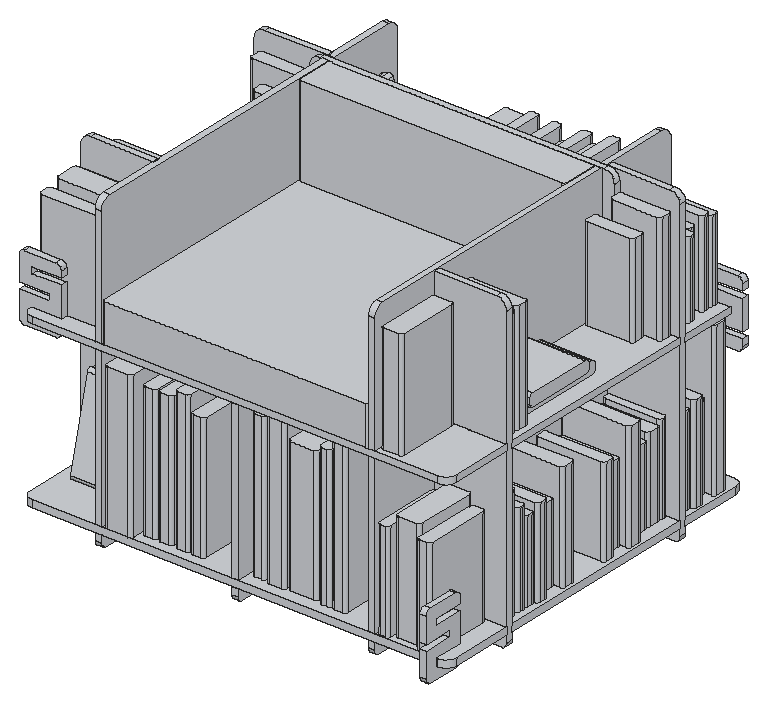
Revit family "The Peckham Book Throne", category Plumbing Fixtures, Revit 2014
Parameters (values of type "36" x 36"")
  fabric = none
  Book5 = none
  Book4 = none
  Book3 = none
  Book2 = none
  Book1 = none
  Assembly Code = "D2010710"
  Depth = 914.4 mm
  Shower Base = Laminate - Linen,Matte
  Width = 1486 mm
Reference planes
  plane 1: z = 37
  plane 2: y = -2867.097
  plane 3: z = 255
  plane 4: z = 473
  plane 5: z = 461
  plane 6: z = 243
  plane 7: z = 25
  plane 8: x = -165.742
  plane 9: y = -2380.097
  plane 10: y = -2368.097
  plane 11: y = -2654.097
  plane 12: y = -2666.097
  plane 13: x = -24.742
  plane 14: x = -12.742
  plane 15: x = 228.258
  plane 16: x = 240.258
  plane 17: y = -2394.097
  plane 18: y = -2382.097
Forms (mm)
  Extrusion 1, solid
    sketch origin (0, 0, 0) x (1, 0, 0) y (0, 1, 0)
      loop
        line (-165.742, -2867.097) -> (614.258, -2867.097)
        arc (614.258, -2867.097) -> (628.4, -2861.239) -> (634.258, -2847.097) r 20
        line (634.258, -2847.097) -> (634.258, -2726.197) -> (561.808, -2726.197) -> (561.808, -2713.997) -> (634.258, -2713.997) -> (634.258, -2308.947) -> (561.808, -2308.947) -> (561.808, -2296.747) -> (634.258, -2296.747) -> (634.258, -2175.847)
        arc (634.258, -2175.847) -> (628.4, -2161.704) -> (614.258, -2155.847) r 20
        line (614.258, -2155.847) -> (493.358, -2155.847) -> (493.358, -2513.477) -> (481.158, -2513.477) -> (481.158, -2155.847) -> (230.358, -2155.847) -> (230.358, -2509.502) -> (218.158, -2509.502) -> (218.158, -2155.847) -> (-32.642, -2155.847) -> (-32.642, -2513.477) -> (-44.842, -2513.477) -> (-44.842, -2155.847) -> (-165.742, -2155.847)
        arc (-165.742, -2155.847) -> (-179.884, -2161.704) -> (-185.742, -2175.847) r 20
        line (-185.742, -2175.847) -> (-185.742, -2296.747) -> (-113.292, -2296.747) -> (-113.292, -2308.947) -> (-185.742, -2308.947) -> (-185.742, -2713.696) -> (-113.292, -2713.696) -> (-113.292, -2726.465) -> (-185.742, -2726.465) -> (-185.742, -2847.097)
        arc (-185.742, -2847.097) -> (-179.884, -2861.239) -> (-165.742, -2867.097) r 20
    from 25 to 38
  Extrusion 2, solid
    sketch origin (677.201, -2726.097, 1219.2) x (1, 0, 0) y (0, 0, -1)
      loop
        line (-183.843, 1219.2) -> (-183.843, 1195.2) -> (-111.393, 1195.2) -> (-111.393, 1179.991) -> (-183.843, 1179.991) -> (-183.843, 878.455) -> (-111.393, 878.455) -> (-111.393, 865.69) -> (-183.843, 865.69) -> (-183.843, 616.7) -> (-62.943, 616.7)
        arc (-62.943, 616.7) -> (-48.801, 622.558) -> (-42.943, 636.7) r 20
        line (-42.943, 636.7) -> (-42.943, 1209.2)
        arc (-42.943, 1209.2) -> (-45.872, 1216.271) -> (-52.943, 1219.2) r 10
        line (-52.943, 1219.2) -> (-183.843, 1219.2)
    from 0 to 12
  Extrusion 3, solid
    sketch origin (228.258, -2128.227, 1219.2) x (0, 1, 0) y (0, 0, 1)
      loop
        line (-728.869, -1219.2) -> (-37.619, -1219.2)
        arc (-37.619, -1219.2) -> (-30.548, -1216.271) -> (-27.619, -1209.2) r 10
        line (-27.619, -1209.2) -> (-27.619, -878) -> (-77.973, -878) -> (-77.973, -866) -> (-119.209, -866) -> (-119.209, -878) -> (-738.869, -878) -> (-738.869, -1179.991) -> (-381.275, -1179.991) -> (-381.275, -1195.2) -> (-738.869, -1195.2) -> (-738.869, -1209.2)
        arc (-738.869, -1209.2) -> (-735.941, -1216.271) -> (-728.869, -1219.2) r 10
    from -10.08 to 2.092
  Extrusion 4, solid
    sketch origin (-36.688, -2394.097, 1219.2) x (-1, 0, 0) y (0, 0, 1)
      loop
        line (12.142, -616.7) -> (-534.047, -616.7)
        arc (-534.047, -616.7) -> (-548.189, -622.558) -> (-554.047, -636.7) r 20
        line (-554.047, -636.7) -> (-554.047, -865.9) -> (-530.047, -865.9) -> (-530.047, -739.25) -> (-517.895, -739.25) -> (-517.895, -865.8) -> (-4.058, -865.8) -> (-4.058, -739.25) -> (8.142, -739.25) -> (8.142, -865.9) -> (32.142, -865.9) -> (32.142, -636.7)
        arc (32.142, -636.7) -> (26.284, -622.558) -> (12.142, -616.7) r 20
    from 72.966 to 85.147
  Extrusion 5, solid
    sketch origin (0, 0, 316.3) x (1, 0, 0) y (0, 1, 0)
      loop
        line (-165.742, -2867.097) -> (614.258, -2867.097)
        arc (614.258, -2867.097) -> (628.4, -2861.239) -> (634.258, -2847.097) r 20
        line (634.258, -2847.097) -> (634.258, -2726.197) -> (561.808, -2726.197) -> (561.808, -2713.997) -> (634.258, -2713.997) -> (634.258, -2308.947) -> (561.808, -2308.947) -> (561.808, -2296.747) -> (634.258, -2296.747) -> (634.258, -2175.847)
        arc (634.258, -2175.847) -> (628.4, -2161.704) -> (614.258, -2155.847) r 20
        line (614.258, -2155.847) -> (493.358, -2155.847) -> (493.358, -2513.477) -> (481.158, -2513.477) -> (481.158, -2155.847) -> (-32.642, -2155.847) -> (-32.642, -2513.477) -> (-44.842, -2513.477) -> (-44.842, -2155.847) -> (-165.742, -2155.847)
        arc (-165.742, -2155.847) -> (-179.884, -2161.704) -> (-185.742, -2175.847) r 20
        line (-185.742, -2175.847) -> (-185.742, -2296.747) -> (-113.292, -2296.747) -> (-113.292, -2308.947) -> (-185.742, -2308.947) -> (-185.742, -2713.997) -> (-113.292, -2713.997) -> (-113.292, -2726.197) -> (-185.742, -2726.197) -> (-185.742, -2847.097)
        arc (-185.742, -2847.097) -> (-179.884, -2861.239) -> (-165.742, -2867.097) r 20
      loop
        line (230.358, -2205.847) -> (218.158, -2205.847) -> (218.158, -2247.847) -> (230.358, -2247.847) -> (230.358, -2205.847)
    from 25 to 37
  Extrusion 6, solid
    sketch origin (677.201, -2296.847, 1219.2) x (1, 0, 0) y (0, 0, 1)
      loop
        line (-183.843, -1219.2) -> (-52.943, -1219.2)
        arc (-52.943, -1219.2) -> (-45.872, -1216.271) -> (-42.943, -1209.2) r 10
        line (-42.943, -1209.2) -> (-42.943, -636.7)
        arc (-42.943, -636.7) -> (-48.801, -622.558) -> (-62.943, -616.7) r 20
        line (-62.943, -616.7) -> (-183.843, -616.7) -> (-183.843, -865.69) -> (-111.393, -865.69) -> (-111.393, -878.455) -> (-183.843, -878.455) -> (-183.843, -1179.991) -> (-111.393, -1179.991) -> (-111.393, -1195.2) -> (-183.843, -1195.2) -> (-183.843, -1219.2)
    from 0 to 12
  Extrusion 7, solid
    sketch origin (-228.685, -2726.097, 1219.2) x (-1, 0, 0) y (0, 0, 1)
      loop
        line (-183.843, -1219.2) -> (-52.943, -1219.2)
        arc (-52.943, -1219.2) -> (-45.872, -1216.271) -> (-42.943, -1209.2) r 10
        line (-42.943, -1209.2) -> (-42.943, -636.7)
        arc (-42.943, -636.7) -> (-48.801, -622.558) -> (-62.943, -616.7) r 20
        line (-62.943, -616.7) -> (-183.843, -616.7) -> (-183.843, -865.341) -> (-111.393, -865.341) -> (-111.393, -878.322) -> (-183.843, -878.322) -> (-183.843, -1180.048) -> (-111.393, -1180.048) -> (-111.393, -1195.2) -> (-183.843, -1195.2) -> (-183.843, -1219.2)
    from 0 to 12
  Extrusion 8, solid
    sketch origin (-228.685, -2296.847, 1219.2) x (-1, 0, 0) y (0, 0, -1)
      loop
        line (-183.843, 1219.2) -> (-183.843, 1195.2) -> (-111.393, 1195.2) -> (-111.393, 1179.098) -> (-183.843, 1179.098) -> (-183.843, 878.322) -> (-111.393, 878.322) -> (-111.393, 865.341) -> (-183.843, 865.341) -> (-183.843, 616.7) -> (-62.943, 616.7)
        arc (-62.943, 616.7) -> (-48.801, 622.558) -> (-42.943, 636.7) r 20
        line (-42.943, 636.7) -> (-42.943, 1209.2)
        arc (-42.943, 1209.2) -> (-45.872, 1216.271) -> (-52.943, 1219.2) r 10
        line (-52.943, 1219.2) -> (-183.843, 1219.2)
    from 0 to 12
  Extrusion 9, solid
    sketch origin (-44.742, -2264.51, 1219.2) x (0, 1, 0) y (0, 0, 1)
      loop
        arc (108.664, -636.7) -> (102.806, -622.558) -> (88.664, -616.7) r 20
        line (88.664, -616.7) -> (-44.436, -616.7) -> (-44.436, -743.25) -> (-56.636, -743.25) -> (-56.636, -616.7) -> (-582.586, -616.7)
        arc (-582.586, -616.7) -> (-596.728, -622.558) -> (-602.586, -636.7) r 20
        line (-602.586, -636.7) -> (-602.586, -865.341) -> (-244.956, -865.341) -> (-244.956, -878.322) -> (-602.586, -878.322) -> (-602.586, -1180.048) -> (-244.956, -1180.048) -> (-244.956, -1195.2) -> (-602.586, -1195.2) -> (-602.586, -1209.2)
        arc (-602.586, -1209.2) -> (-599.657, -1216.271) -> (-592.586, -1219.2) r 10
        line (-592.586, -1219.2) -> (98.664, -1219.2)
        arc (98.664, -1219.2) -> (105.735, -1216.271) -> (108.664, -1209.2) r 10
        line (108.664, -1209.2) -> (108.664, -636.7)
    from 0 to 12
  Extrusion 10, solid
    sketch origin (493.27, -2264.51, 1219.2) x (0, 1, 0) y (0, 0, -1)
      loop
        line (108.664, 636.7) -> (108.664, 1209.2)
        arc (108.664, 1209.2) -> (105.735, 1216.271) -> (98.664, 1219.2) r 10
        line (98.664, 1219.2) -> (-592.586, 1219.2)
        arc (-592.586, 1219.2) -> (-599.657, 1216.271) -> (-602.586, 1209.2) r 10
        line (-602.586, 1209.2) -> (-602.586, 1195.2) -> (-244.956, 1195.2) -> (-244.956, 1179.991) -> (-602.586, 1179.991) -> (-602.586, 878.455) -> (-244.956, 878.455) -> (-244.956, 865.69) -> (-602.586, 865.69) -> (-602.586, 636.7)
        arc (-602.586, 636.7) -> (-596.728, 622.558) -> (-582.586, 616.7) r 20
        line (-582.586, 616.7) -> (-56.636, 616.7) -> (-56.636, 743.25) -> (-44.436, 743.25) -> (-44.436, 616.7) -> (88.664, 616.7)
        arc (88.664, 616.7) -> (102.806, 622.558) -> (108.664, 636.7) r 20
    from 0 to 12
  Extrusion 11, solid
    sketch origin (599.545, -3323.081, 786.169) x (0, -1, 0) y (0, 0, -1)
      loop
        line (-442.069, 784.269) -> (-502.069, 784.269)
        arc (-502.069, 784.269) -> (-509.14, 781.34) -> (-512.069, 774.269) r 10
        line (-512.069, 774.269) -> (-512.069, 762.169) -> (-454.731, 762.169) -> (-454.731, 746.961) -> (-512.069, 746.961) -> (-512.069, 690.869) -> (-454.661, 690.869) -> (-454.661, 678.669) -> (-512.069, 678.669) -> (-512.069, 665.669)
        arc (-512.069, 665.669) -> (-509.14, 658.598) -> (-502.069, 655.669) r 10
        line (-502.069, 655.669) -> (-442.069, 655.669)
        arc (-442.069, 655.669) -> (-434.998, 658.598) -> (-432.069, 665.669) r 10
        line (-432.069, 665.669) -> (-432.069, 713.869) -> (-489.069, 713.869) -> (-489.069, 726.069) -> (-432.069, 726.069) -> (-432.069, 774.269)
        arc (-432.069, 774.269) -> (-434.998, 781.34) -> (-442.069, 784.269) r 10
    from 0 to 12
  Extrusion 12, solid
    sketch origin (145.397, -2187.231, 1067.269) x (-1, 0, 0) y (0, 0, 1)
      loop
        arc (-442.069, -784.269) -> (-434.998, -781.34) -> (-432.069, -774.269) r 10
        line (-432.069, -774.269) -> (-432.069, -726.069) -> (-489.069, -726.069) -> (-489.069, -713.869) -> (-432.069, -713.869) -> (-432.069, -665.669)
        arc (-432.069, -665.669) -> (-434.998, -658.598) -> (-442.069, -655.669) r 10
        line (-442.069, -655.669) -> (-502.069, -655.669)
        arc (-502.069, -655.669) -> (-509.14, -658.598) -> (-512.069, -665.669) r 10
        line (-512.069, -665.669) -> (-512.069, -678.669) -> (-455.069, -678.669) -> (-455.069, -690.869) -> (-512.069, -690.869) -> (-512.069, -749.069) -> (-455.069, -749.069) -> (-455.069, -761.269) -> (-512.069, -761.269) -> (-512.069, -774.269)
        arc (-512.069, -774.269) -> (-509.14, -781.34) -> (-502.069, -784.269) r 10
        line (-502.069, -784.269) -> (-442.069, -784.269)
    from 0 to 12
  Extrusion 13, solid
    sketch origin (-640.769, -2844.097, 1102.569) x (-1, 0, 0) y (0, 0, 1)
      loop
        arc (-442.069, -784.269) -> (-434.998, -781.34) -> (-432.069, -774.269) r 10
        line (-432.069, -774.269) -> (-432.069, -726.069) -> (-489.069, -726.069) -> (-489.069, -713.869) -> (-432.069, -713.869) -> (-432.069, -665.669)
        arc (-432.069, -665.669) -> (-434.998, -658.598) -> (-442.069, -655.669) r 10
        line (-442.069, -655.669) -> (-502.069, -655.669)
        arc (-502.069, -655.669) -> (-509.14, -658.598) -> (-512.069, -665.669) r 10
        line (-512.069, -665.669) -> (-512.069, -678.669) -> (-455.069, -678.669) -> (-455.069, -690.869) -> (-512.069, -690.869) -> (-512.069, -748.71) -> (-454.315, -748.71) -> (-454.315, -761.691) -> (-512.069, -761.691) -> (-512.069, -774.269)
        arc (-512.069, -774.269) -> (-509.14, -781.34) -> (-502.069, -784.269) r 10
        line (-502.069, -784.269) -> (-442.069, -784.269)
    from 0 to 12
  Extrusion 14, solid, material <- "fabric"
    sketch origin (0, 0, 329.298) x (1, 0, 0) y (0, 1, 0)
      loop
        arc (-27.05, -2396.131) -> (-30.586, -2397.595) -> (-32.05, -2401.131) r 5
        line (-32.05, -2401.131) -> (-32.05, -2862.071)
        arc (-32.05, -2862.071) -> (-30.586, -2865.606) -> (-27.05, -2867.071) r 5
        line (-27.05, -2867.071) -> (475.603, -2867.071)
        arc (475.603, -2867.071) -> (479.139, -2865.606) -> (480.603, -2862.071) r 5
        line (480.603, -2862.071) -> (480.603, -2401.131)
        arc (480.603, -2401.131) -> (479.139, -2397.595) -> (475.603, -2396.131) r 5
        line (475.603, -2396.131) -> (-27.05, -2396.131)
    from 24.561 to 100
  Extrusion 15, solid
    sketch origin (0, 0, 0) x (1, 0, 0) y (0, 1, 0)
      loop
        line (-27.099, -2395.432) -> (475.627, -2395.432)
        arc (475.627, -2395.432) -> (479.163, -2393.968) -> (480.627, -2390.432) r 5
        line (480.627, -2390.432) -> (480.627, -2326.383)
        arc (480.627, -2326.383) -> (479.163, -2322.847) -> (475.627, -2321.383) r 5
        line (475.627, -2321.383) -> (-27.099, -2321.383)
        arc (-27.099, -2321.383) -> (-30.635, -2322.847) -> (-32.099, -2326.383) r 5
        line (-32.099, -2326.383) -> (-32.099, -2390.432)
        arc (-32.099, -2390.432) -> (-30.635, -2393.968) -> (-27.099, -2395.432) r 5
    from 376.4 to 602.5
  Extrusion 16, solid, material <- "Book1"
    sketch origin (1186.903, -2788.329, 261.924) x (0, 1, 0) y (-1, 0, 0)
      loop
        line (93.925, 689.511) -> (86.52, 689.511)
        arc (86.52, 689.511) -> (82.029, 687.651) -> (80.17, 683.161) r 6.35
        line (80.17, 683.161) -> (80.17, 571.983)
        arc (80.17, 571.983) -> (82.029, 567.493) -> (86.52, 565.633) r 6.35
        line (86.52, 565.633) -> (93.925, 565.633)
        arc (93.925, 565.633) -> (98.415, 567.493) -> (100.275, 571.983) r 6.35
        line (100.275, 571.983) -> (100.275, 683.161)
        arc (100.275, 683.161) -> (98.415, 687.651) -> (93.925, 689.511) r 6.35
    from -222.715 to -6.966
  Extrusion 17, solid, material <- "Book2"
    sketch origin (1215.164, -2730.384, 244.735) x (0, 1, 0) y (-1, 0, 0)
      loop
        line (59.26, 721.894) -> (53.975, 721.894)
        arc (53.975, 721.894) -> (49.485, 720.034) -> (47.625, 715.544) r 6.35
        line (47.625, 715.544) -> (47.625, 600.244)
        arc (47.625, 600.244) -> (49.485, 595.754) -> (53.975, 593.894) r 6.35
        line (53.975, 593.894) -> (59.26, 593.894)
        arc (59.26, 593.894) -> (63.751, 595.754) -> (65.61, 600.244) r 6.35
        line (65.61, 600.244) -> (65.61, 715.544)
        arc (65.61, 715.544) -> (63.751, 720.034) -> (59.26, 721.894) r 6.35
    from -205.526 to -26.234
  Extrusion 18, solid, material <- "Book1"
    sketch origin (-25.412, -3399.156, 271.744) x (1, 0, 0) y (0, 1, 0)
      loop
        line (74.935, 786.77) -> (61.12, 786.77)
        arc (61.12, 786.77) -> (56.629, 784.91) -> (54.77, 780.42) r 6.35
        line (54.77, 780.42) -> (54.77, 558.595)
        arc (54.77, 558.595) -> (56.629, 554.105) -> (61.12, 552.245) r 6.35
        line (61.12, 552.245) -> (74.935, 552.245)
        arc (74.935, 552.245) -> (79.425, 554.105) -> (81.285, 558.595) r 6.35
        line (81.285, 558.595) -> (81.285, 780.42)
        arc (81.285, 780.42) -> (79.425, 784.91) -> (74.935, 786.77) r 6.35
    from -233.744 to 23.473
  Extrusion 19, solid, material <- "Book2"
    sketch origin (-50.517, -3450.691, 273.835) x (1, 0, 0) y (0, 1, 0)
      loop
        line (68.525, 720.88) -> (28.575, 720.88)
        arc (28.575, 720.88) -> (24.085, 719.021) -> (22.225, 714.53) r 6.35
        line (22.225, 714.53) -> (22.225, 590.333)
        arc (22.225, 590.333) -> (24.085, 585.842) -> (28.575, 583.983) r 6.35
        line (28.575, 583.983) -> (68.525, 583.983)
        arc (68.525, 583.983) -> (73.015, 585.842) -> (74.875, 590.333) r 6.35
        line (74.875, 590.333) -> (74.875, 714.53)
        arc (74.875, 714.53) -> (73.015, 719.021) -> (68.525, 720.88) r 6.35
    from -235.835 to 44.465
  Extrusion 20, solid, material <- "Book2"
    sketch origin (1215.164, -2620.92, 247.459) x (0, 1, 0) y (-1, 0, 0)
      loop
        line (-5.204, 721.894) -> (-15.49, 721.894)
        arc (-15.49, 721.894) -> (-19.98, 720.034) -> (-21.84, 715.544) r 6.35
        line (-21.84, 715.544) -> (-21.84, 593.699)
        arc (-21.84, 593.699) -> (-19.98, 589.209) -> (-15.49, 587.349) r 6.35
        line (-15.49, 587.349) -> (-5.204, 587.349)
        arc (-5.204, 587.349) -> (-0.714, 589.209) -> (1.146, 593.699) r 6.35
        line (1.146, 593.699) -> (1.146, 715.544)
        arc (1.146, 715.544) -> (-0.714, 720.034) -> (-5.204, 721.894) r 6.35
    from -207.18 to -36.211
  Extrusion 21, solid, material <- "Book2"
    sketch origin (1215.164, -2507.034, 249.487) x (0, 1, 0) y (-1, 0, 0)
      loop
        line (-54.09, 721.894) -> (-69.376, 721.894)
        arc (-69.376, 721.894) -> (-73.866, 720.034) -> (-75.726, 715.544) r 6.35
        line (-75.726, 715.544) -> (-75.726, 593.699)
        arc (-75.726, 593.699) -> (-73.866, 589.209) -> (-69.376, 587.349) r 6.35
        line (-69.376, 587.349) -> (-54.09, 587.349)
        arc (-54.09, 587.349) -> (-49.6, 589.209) -> (-47.74, 593.699) r 6.35
        line (-47.74, 593.699) -> (-47.74, 715.544)
        arc (-47.74, 715.544) -> (-49.6, 720.034) -> (-54.09, 721.894) r 6.35
    from -210.278 to -1.884
  Extrusion 22, solid, material <- "Book4"
    sketch origin (218.158, -3428.055, 300.643) x (1, 0, 0) y (0, 1, 0)
      loop
        line (77.999, 700.944) -> (54.197, 700.944)
        arc (54.197, 700.944) -> (49.707, 699.084) -> (47.847, 694.594) r 6.35
        line (47.847, 694.594) -> (47.847, 589.293)
        arc (47.847, 589.293) -> (49.707, 584.803) -> (54.197, 582.943) r 6.35
        line (54.197, 582.943) -> (77.999, 582.943)
        arc (77.999, 582.943) -> (82.489, 584.803) -> (84.349, 589.293) r 6.35
        line (84.349, 589.293) -> (84.349, 694.594)
        arc (84.349, 694.594) -> (82.489, 699.084) -> (77.999, 700.944) r 6.35
    from -262.643 to 29.981
  Extrusion 23, solid, material <- "Book4"
    sketch origin (138.759, -3402.831, 275.418) x (1, 0, 0) y (0, 1, 0)
      loop
        line (115.896, 657.723) -> (103.196, 657.723)
        arc (103.196, 657.723) -> (98.706, 655.863) -> (96.846, 651.373) r 6.35
        line (96.846, 651.373) -> (96.846, 567.668)
        arc (96.846, 567.668) -> (98.706, 563.178) -> (103.196, 561.318) r 6.35
        line (103.196, 561.318) -> (115.896, 561.318)
        arc (115.896, 561.318) -> (120.386, 563.178) -> (122.246, 567.668) r 6.35
        line (122.246, 567.668) -> (122.246, 651.373)
        arc (122.246, 651.373) -> (120.386, 655.863) -> (115.896, 657.723) r 6.35
    from -237.418 to 42.882
  Extrusion 24, solid, material <- "Book4"
    sketch origin (1161.37, -2626.959, 274.574) x (0, 1, 0) y (-1, 0, 0)
      loop
        line (37.85, 662.355) -> (13.535, 662.355)
        arc (13.535, 662.355) -> (9.045, 660.495) -> (7.185, 656.005) r 6.35
        line (7.185, 656.005) -> (7.185, 557.003)
        arc (7.185, 557.003) -> (9.045, 552.513) -> (13.535, 550.653) r 6.35
        line (13.535, 550.653) -> (37.85, 550.653)
        arc (37.85, 550.653) -> (42.34, 552.513) -> (44.2, 557.003) r 6.35
        line (44.2, 557.003) -> (44.2, 656.005)
        arc (44.2, 656.005) -> (42.34, 660.495) -> (37.85, 662.355) r 6.35
    from -235.365 to -85.364
  Extrusion 25, solid, material <- "Book5"
    sketch origin (1228.405, -2662.187, 263.937) x (0, 1, 0) y (-1, 0, 0)
      loop
        line (13.078, 722.191) -> (3.763, 722.191)
        arc (3.763, 722.191) -> (-0.727, 720.331) -> (-2.587, 715.841) r 6.35
        line (-2.587, 715.841) -> (-2.587, 613.486)
        arc (-2.587, 613.486) -> (-0.727, 608.996) -> (3.763, 607.136) r 6.35
        line (3.763, 607.136) -> (13.078, 607.136)
        arc (13.078, 607.136) -> (17.568, 608.996) -> (19.428, 613.486) r 6.35
        line (19.428, 613.486) -> (19.428, 715.841)
        arc (19.428, 715.841) -> (17.568, 720.331) -> (13.078, 722.191) r 6.35
    from -224.728 to -67.685
  Extrusion 26, solid, material <- "Book4"
    sketch origin (485.468, -3462.999, 265.094) x (1, 0, 0) y (0, 1, 0)
      loop
        line (77.256, 734.557) -> (43.125, 734.557)
        arc (43.125, 734.557) -> (38.635, 732.697) -> (36.775, 728.207) r 6.35
        line (36.775, 728.207) -> (36.775, 615.253)
        arc (36.775, 615.253) -> (38.635, 610.763) -> (43.125, 608.903) r 6.35
        line (43.125, 608.903) -> (77.256, 608.903)
        arc (77.256, 608.903) -> (81.747, 610.763) -> (83.606, 615.253) r 6.35
        line (83.606, 615.253) -> (83.606, 728.207)
        arc (83.606, 728.207) -> (81.747, 732.697) -> (77.256, 734.557) r 6.35
    from -227.094 to -17.491
  Extrusion 27, solid, material <- "Book5"
    sketch origin (475.52, -3462.999, 265.094) x (1, 0, 0) y (0, 1, 0)
      loop
        line (35.333, 731.857) -> (26.456, 731.857)
        arc (26.456, 731.857) -> (21.966, 729.998) -> (20.106, 725.507) r 6.35
        line (20.106, 725.507) -> (20.106, 605.253)
        arc (20.106, 605.253) -> (21.966, 600.763) -> (26.456, 598.903) r 6.35
        line (26.456, 598.903) -> (35.333, 598.903)
        arc (35.333, 598.903) -> (39.823, 600.763) -> (41.683, 605.253) r 6.35
        line (41.683, 605.253) -> (41.683, 725.507)
        arc (41.683, 725.507) -> (39.823, 729.998) -> (35.333, 731.857) r 6.35
    from -227.094 to -36.104
  Extrusion 28, solid, material <- "Book5"
    sketch origin (550.52, -3462.999, 265.094) x (1, 0, 0) y (0, 1, 0)
      loop
        line (40.919, 731.857) -> (26.456, 731.857)
        arc (26.456, 731.857) -> (21.966, 729.998) -> (20.106, 725.507) r 6.35
        line (20.106, 725.507) -> (20.106, 605.253)
        arc (20.106, 605.253) -> (21.966, 600.763) -> (26.456, 598.903) r 6.35
        line (26.456, 598.903) -> (40.919, 598.903)
        arc (40.919, 598.903) -> (45.409, 600.763) -> (47.269, 605.253) r 6.35
        line (47.269, 605.253) -> (47.269, 725.507)
        arc (47.269, 725.507) -> (45.409, 729.998) -> (40.919, 731.857) r 6.35
    from -227.094 to -36.104
  Extrusion 29, solid, material <- "Book1"
    sketch origin (4.588, -3399.156, 271.744) x (1, 0, 0) y (0, 1, 0)
      loop
        line (74.935, 663.047) -> (61.12, 663.047)
        arc (61.12, 663.047) -> (56.629, 661.187) -> (54.77, 656.697) r 6.35
        line (54.77, 656.697) -> (54.77, 558.595)
        arc (54.77, 558.595) -> (56.629, 554.105) -> (61.12, 552.245) r 6.35
        line (61.12, 552.245) -> (74.935, 552.245)
        arc (74.935, 552.245) -> (79.425, 554.105) -> (81.285, 558.595) r 6.35
        line (81.285, 558.595) -> (81.285, 656.697)
        arc (81.285, 656.697) -> (79.425, 661.187) -> (74.935, 663.047) r 6.35
    from -233.744 to 23.473
  Extrusion 30, solid, material <- "Book1"
    sketch origin (37.247, -3399.156, 271.744) x (1, 0, 0) y (0, 1, 0)
      loop
        line (74.935, 794.501) -> (61.12, 794.501)
        arc (61.12, 794.501) -> (56.629, 792.641) -> (54.77, 788.151) r 6.35
        line (54.77, 788.151) -> (54.77, 558.595)
        arc (54.77, 558.595) -> (56.629, 554.105) -> (61.12, 552.245) r 6.35
        line (61.12, 552.245) -> (74.935, 552.245)
        arc (74.935, 552.245) -> (79.425, 554.105) -> (81.285, 558.595) r 6.35
        line (81.285, 558.595) -> (81.285, 788.151)
        arc (81.285, 788.151) -> (79.425, 792.641) -> (74.935, 794.501) r 6.35
    from -233.744 to 36.284
  Extrusion 31, solid, material <- "Book1"
    sketch origin (67.247, -3399.156, 271.744) x (1, 0, 0) y (0, 1, 0)
      loop
        line (74.935, 756.397) -> (61.12, 756.397)
        arc (61.12, 756.397) -> (56.629, 754.537) -> (54.77, 750.047) r 6.35
        line (54.77, 750.047) -> (54.77, 558.595)
        arc (54.77, 558.595) -> (56.629, 554.105) -> (61.12, 552.245) r 6.35
        line (61.12, 552.245) -> (74.935, 552.245)
        arc (74.935, 552.245) -> (79.425, 554.105) -> (81.285, 558.595) r 6.35
        line (81.285, 558.595) -> (81.285, 750.047)
        arc (81.285, 750.047) -> (79.425, 754.537) -> (74.935, 756.397) r 6.35
    from -233.744 to 7.3
  Extrusion 32, solid, material <- "Book4"
    sketch origin (218.759, -3402.831, 275.418) x (1, 0, 0) y (0, 1, 0)
      loop
        line (136.786, 798.175) -> (92.317, 798.175)
        arc (92.317, 798.175) -> (87.827, 796.315) -> (85.967, 791.825) r 6.35
        line (85.967, 791.825) -> (85.967, 567.668)
        arc (85.967, 567.668) -> (87.827, 563.178) -> (92.317, 561.318) r 6.35
        line (92.317, 561.318) -> (136.786, 561.318)
        arc (136.786, 561.318) -> (141.276, 563.178) -> (143.136, 567.668) r 6.35
        line (143.136, 567.668) -> (143.136, 791.825)
        arc (143.136, 791.825) -> (141.276, 796.315) -> (136.786, 798.175) r 6.35
    from -237.418 to 19.798
  Extrusion 33, solid, material <- "Book4"
    sketch origin (313.158, -3428.055, 300.643) x (1, 0, 0) y (0, 1, 0)
      loop
        line (69.922, 700.944) -> (60.546, 700.944)
        arc (60.546, 700.944) -> (56.056, 699.084) -> (54.196, 694.594) r 6.35
        line (54.196, 694.594) -> (54.196, 589.293)
        arc (54.196, 589.293) -> (56.056, 584.803) -> (60.546, 582.943) r 6.35
        line (60.546, 582.943) -> (69.922, 582.943)
        arc (69.922, 582.943) -> (74.412, 584.803) -> (76.272, 589.293) r 6.35
        line (76.272, 589.293) -> (76.272, 694.594)
        arc (76.272, 694.594) -> (74.412, 699.084) -> (69.922, 700.944) r 6.35
    from -262.643 to 7.386
  Extrusion 34, solid, material <- "Book4"
    sketch origin (343.158, -3428.055, 300.643) x (1, 0, 0) y (0, 1, 0)
      loop
        line (69.922, 700.944) -> (55.381, 700.944)
        arc (55.381, 700.944) -> (50.891, 699.084) -> (49.031, 694.594) r 6.35
        line (49.031, 694.594) -> (49.031, 589.293)
        arc (49.031, 589.293) -> (50.891, 584.803) -> (55.381, 582.943) r 6.35
        line (55.381, 582.943) -> (69.922, 582.943)
        arc (69.922, 582.943) -> (74.412, 584.803) -> (76.272, 589.293) r 6.35
        line (76.272, 589.293) -> (76.272, 694.594)
        arc (76.272, 694.594) -> (74.412, 699.084) -> (69.922, 700.944) r 6.35
    from -262.643 to 29.981
  Extrusion 35, solid, material <- "Book3"
    sketch origin (703.161, -2464.408, -286.05) x (0, 0.965926, 0.258819) y (0, -0.258819, 0.965926)
      loop
        line (-12.787, 683.892) -> (-15.534, 673.639)
        arc (-15.534, 673.639) -> (-14.9, 668.821) -> (-11.044, 665.862) r 6.35
        line (-11.044, 665.862) -> (150.705, 622.521)
        arc (150.705, 622.521) -> (155.524, 623.156) -> (158.482, 627.012) r 6.35
        line (158.482, 627.012) -> (161.229, 637.264)
        arc (161.229, 637.264) -> (160.595, 642.083) -> (156.739, 645.041) r 6.35
        line (156.739, 645.041) -> (-5.01, 688.382)
        arc (-5.01, 688.382) -> (-9.829, 687.747) -> (-12.787, 683.892) r 6.35
    from -203.2 to -101.6
  Extrusion 36, solid, material <- "Book1"
    sketch origin (1172.506, -2768.378, 587.044) x (0, 1, 0) y (-1, 0, 0)
      loop
        line (74.935, 663.047) -> (61.12, 663.047)
        arc (61.12, 663.047) -> (56.629, 661.187) -> (54.77, 656.697) r 6.35
        line (54.77, 656.697) -> (54.77, 558.595)
        arc (54.77, 558.595) -> (56.629, 554.105) -> (61.12, 552.245) r 6.35
        line (61.12, 552.245) -> (74.935, 552.245)
        arc (74.935, 552.245) -> (79.425, 554.105) -> (81.285, 558.595) r 6.35
        line (81.285, 558.595) -> (81.285, 656.697)
        arc (81.285, 656.697) -> (79.425, 661.187) -> (74.935, 663.047) r 6.35
    from -233.744 to -24.759
  Extrusion 37, solid, material <- "Book1"
    sketch origin (1172.506, -2738.378, 587.044) x (0, 1, 0) y (-1, 0, 0)
      loop
        line (74.935, 663.047) -> (61.12, 663.047)
        arc (61.12, 663.047) -> (56.629, 661.187) -> (54.77, 656.697) r 6.35
        line (54.77, 656.697) -> (54.77, 558.595)
        arc (54.77, 558.595) -> (56.629, 554.105) -> (61.12, 552.245) r 6.35
        line (61.12, 552.245) -> (74.935, 552.245)
        arc (74.935, 552.245) -> (79.425, 554.105) -> (81.285, 558.595) r 6.35
        line (81.285, 558.595) -> (81.285, 656.697)
        arc (81.285, 656.697) -> (79.425, 661.187) -> (74.935, 663.047) r 6.35
    from -233.744 to -20.069
  Extrusion 38, solid, material <- "Book4"
    sketch origin (-781.809, -2718.803, 580.953) x (0, -1, 0) y (1, 0, 0)
      loop
        line (77.256, 734.557) -> (43.125, 734.557)
        arc (43.125, 734.557) -> (38.635, 732.697) -> (36.775, 728.207) r 6.35
        line (36.775, 728.207) -> (36.775, 615.253)
        arc (36.775, 615.253) -> (38.635, 610.763) -> (43.125, 608.903) r 6.35
        line (43.125, 608.903) -> (77.256, 608.903)
        arc (77.256, 608.903) -> (81.747, 610.763) -> (83.606, 615.253) r 6.35
        line (83.606, 615.253) -> (83.606, 728.207)
        arc (83.606, 728.207) -> (81.747, 732.697) -> (77.256, 734.557) r 6.35
    from -227.094 to -17.491
  Extrusion 39, solid, material <- "Book5"
    sketch origin (-781.809, -2708.855, 580.953) x (0, -1, 0) y (1, 0, 0)
      loop
        line (35.333, 731.857) -> (26.456, 731.857)
        arc (26.456, 731.857) -> (21.966, 729.998) -> (20.106, 725.507) r 6.35
        line (20.106, 725.507) -> (20.106, 605.253)
        arc (20.106, 605.253) -> (21.966, 600.763) -> (26.456, 598.903) r 6.35
        line (26.456, 598.903) -> (35.333, 598.903)
        arc (35.333, 598.903) -> (39.823, 600.763) -> (41.683, 605.253) r 6.35
        line (41.683, 605.253) -> (41.683, 725.507)
        arc (41.683, 725.507) -> (39.823, 729.998) -> (35.333, 731.857) r 6.35
    from -227.094 to -36.104
  Extrusion 40, solid, material <- "Book5"
    sketch origin (-781.809, -2783.855, 580.953) x (0, -1, 0) y (1, 0, 0)
      loop
        line (40.919, 731.857) -> (26.456, 731.857)
        arc (26.456, 731.857) -> (21.966, 729.998) -> (20.106, 725.507) r 6.35
        line (20.106, 725.507) -> (20.106, 605.253)
        arc (20.106, 605.253) -> (21.966, 600.763) -> (26.456, 598.903) r 6.35
        line (26.456, 598.903) -> (40.919, 598.903)
        arc (40.919, 598.903) -> (45.409, 600.763) -> (47.269, 605.253) r 6.35
        line (47.269, 605.253) -> (47.269, 725.507)
        arc (47.269, 725.507) -> (45.409, 729.998) -> (40.919, 731.857) r 6.35
    from -227.094 to -36.104
  Extrusion 41, solid, material <- "Book1"
    sketch origin (1172.506, -2423.378, 587.044) x (0, 1, 0) y (-1, 0, 0)
      loop
        line (74.935, 675.114) -> (61.12, 675.114)
        arc (61.12, 675.114) -> (56.629, 673.254) -> (54.77, 668.764) r 6.35
        line (54.77, 668.764) -> (54.77, 587.586)
        arc (54.77, 587.586) -> (56.629, 583.096) -> (61.12, 581.236) r 6.35
        line (61.12, 581.236) -> (74.935, 581.236)
        arc (74.935, 581.236) -> (79.425, 583.096) -> (81.285, 587.586) r 6.35
        line (81.285, 587.586) -> (81.285, 668.764)
        arc (81.285, 668.764) -> (79.425, 673.254) -> (74.935, 675.114) r 6.35
    from -231.691 to -53.482
  Extrusion 42, solid, material <- "Book1"
    sketch origin (1172.506, -2393.378, 587.044) x (0, 1, 0) y (-1, 0, 0)
      loop
        line (74.935, 650.263) -> (61.12, 650.263)
        arc (61.12, 650.263) -> (56.629, 648.403) -> (54.77, 643.913) r 6.35
        line (54.77, 643.913) -> (54.77, 558.595)
        arc (54.77, 558.595) -> (56.629, 554.105) -> (61.12, 552.245) r 6.35
        line (61.12, 552.245) -> (74.935, 552.245)
        arc (74.935, 552.245) -> (79.425, 554.105) -> (81.285, 558.595) r 6.35
        line (81.285, 558.595) -> (81.285, 643.913)
        arc (81.285, 643.913) -> (79.425, 648.403) -> (74.935, 650.263) r 6.35
    from -231.691 to -20.069
  Extrusion 43, solid, material <- "Book1"
    sketch origin (1172.506, -2348.378, 587.044) x (0, 1, 0) y (-1, 0, 0)
      loop
        line (74.935, 675.114) -> (61.12, 675.114)
        arc (61.12, 675.114) -> (56.629, 673.254) -> (54.77, 668.764) r 6.35
        line (54.77, 668.764) -> (54.77, 572.586)
        arc (54.77, 572.586) -> (56.629, 568.096) -> (61.12, 566.236) r 6.35
        line (61.12, 566.236) -> (74.935, 566.236)
        arc (74.935, 566.236) -> (79.425, 568.096) -> (81.285, 572.586) r 6.35
        line (81.285, 572.586) -> (81.285, 668.764)
        arc (81.285, 668.764) -> (79.425, 673.254) -> (74.935, 675.114) r 6.35
    from -233.744 to -76.918
  Extrusion 44, solid, material <- "Book1"
    sketch origin (1172.506, -2321.863, 587.044) x (0, 1, 0) y (-1, 0, 0)
      loop
        line (66.905, 675.114) -> (61.12, 675.114)
        arc (61.12, 675.114) -> (56.629, 673.254) -> (54.77, 668.764) r 6.35
        line (54.77, 668.764) -> (54.77, 562.586)
        arc (54.77, 562.586) -> (56.629, 558.096) -> (61.12, 556.236) r 6.35
        line (61.12, 556.236) -> (66.905, 556.236)
        arc (66.905, 556.236) -> (71.395, 558.096) -> (73.255, 562.586) r 6.35
        line (73.255, 562.586) -> (73.255, 668.764)
        arc (73.255, 668.764) -> (71.395, 673.254) -> (66.905, 675.114) r 6.35
    from -233.744 to -86.202
  Extrusion 45, solid, material <- "Book1"
    sketch origin (1172.506, -2301.863, 587.044) x (0, 1, 0) y (-1, 0, 0)
      loop
        line (66.905, 675.114) -> (61.12, 675.114)
        arc (61.12, 675.114) -> (56.629, 673.254) -> (54.77, 668.764) r 6.35
        line (54.77, 668.764) -> (54.77, 578.39)
        arc (54.77, 578.39) -> (56.629, 573.9) -> (61.12, 572.04) r 6.35
        line (61.12, 572.04) -> (66.905, 572.04)
        arc (66.905, 572.04) -> (71.395, 573.9) -> (73.255, 578.39) r 6.35
        line (73.255, 578.39) -> (73.255, 668.764)
        arc (73.255, 668.764) -> (71.395, 673.254) -> (66.905, 675.114) r 6.35
    from -233.744 to -86.202
  Extrusion 46, solid, material <- "Book1"
    sketch origin (1172.506, -2281.863, 587.044) x (0, 1, 0) y (-1, 0, 0)
      loop
        line (66.905, 675.114) -> (61.12, 675.114)
        arc (61.12, 675.114) -> (56.629, 673.254) -> (54.77, 668.764) r 6.35
        line (54.77, 668.764) -> (54.77, 567.586)
        arc (54.77, 567.586) -> (56.629, 563.096) -> (61.12, 561.236) r 6.35
        line (61.12, 561.236) -> (66.905, 561.236)
        arc (66.905, 561.236) -> (71.395, 563.096) -> (73.255, 567.586) r 6.35
        line (73.255, 567.586) -> (73.255, 668.764)
        arc (73.255, 668.764) -> (71.395, 673.254) -> (66.905, 675.114) r 6.35
    from -233.744 to -68.961
  Extrusion 47, solid, material <- "Book1"
    sketch origin (1172.506, -2261.863, 587.044) x (0, 1, 0) y (-1, 0, 0)
      loop
        line (66.905, 675.114) -> (61.12, 675.114)
        arc (61.12, 675.114) -> (56.629, 673.254) -> (54.77, 668.764) r 6.35
        line (54.77, 668.764) -> (54.77, 567.586)
        arc (54.77, 567.586) -> (56.629, 563.096) -> (61.12, 561.236) r 6.35
        line (61.12, 561.236) -> (66.905, 561.236)
        arc (66.905, 561.236) -> (71.395, 563.096) -> (73.255, 567.586) r 6.35
        line (73.255, 567.586) -> (73.255, 668.764)
        arc (73.255, 668.764) -> (71.395, 673.254) -> (66.905, 675.114) r 6.35
    from -233.744 to -76.918
  Extrusion 48, solid, material <- "Book2"
    sketch origin (1215.164, -2256.142, 260.197) x (0, 1, 0) y (-1, 0, 0)
      loop
        line (5.098, 721.894) -> (-4.937, 721.894)
        arc (-4.937, 721.894) -> (-9.427, 720.034) -> (-11.287, 715.544) r 6.35
        line (-11.287, 715.544) -> (-11.287, 593.699)
        arc (-11.287, 593.699) -> (-9.427, 589.209) -> (-4.937, 587.349) r 6.35
        line (-4.937, 587.349) -> (5.098, 587.349)
        arc (5.098, 587.349) -> (9.588, 589.209) -> (11.448, 593.699) r 6.35
        line (11.448, 593.699) -> (11.448, 715.544)
        arc (11.448, 715.544) -> (9.588, 720.034) -> (5.098, 721.894) r 6.35
    from -222.197 to -36.211
  Extrusion 49, solid, material <- "Book2"
    sketch origin (1215.164, -2142.256, 262.225) x (0, 1, 0) y (-1, 0, 0)
      loop
        line (-54.09, 721.894) -> (-69.376, 721.894)
        arc (-69.376, 721.894) -> (-73.866, 720.034) -> (-75.726, 715.544) r 6.35
        line (-75.726, 715.544) -> (-75.726, 593.699)
        arc (-75.726, 593.699) -> (-73.866, 589.209) -> (-69.376, 587.349) r 6.35
        line (-69.376, 587.349) -> (-54.09, 587.349)
        arc (-54.09, 587.349) -> (-49.6, 589.209) -> (-47.74, 593.699) r 6.35
        line (-47.74, 593.699) -> (-47.74, 715.544)
        arc (-47.74, 715.544) -> (-49.6, 720.034) -> (-54.09, 721.894) r 6.35
    from -224.225 to 68.398
  Extrusion 50, solid, material <- "Book4"
    sketch origin (1161.37, -2262.182, 287.312) x (0, 1, 0) y (-1, 0, 0)
      loop
        line (37.85, 662.355) -> (23.921, 662.355)
        arc (23.921, 662.355) -> (19.431, 660.495) -> (17.571, 656.005) r 6.35
        line (17.571, 656.005) -> (17.571, 557.003)
        arc (17.571, 557.003) -> (19.431, 552.513) -> (23.921, 550.653) r 6.35
        line (23.921, 550.653) -> (37.85, 550.653)
        arc (37.85, 550.653) -> (42.34, 552.513) -> (44.2, 557.003) r 6.35
        line (44.2, 557.003) -> (44.2, 656.005)
        arc (44.2, 656.005) -> (42.34, 660.495) -> (37.85, 662.355) r 6.35
    from -248.104 to -85.364
  Extrusion 51, solid, material <- "Book5"
    sketch origin (1228.405, -2297.41, 276.675) x (0, 1, 0) y (-1, 0, 0)
      loop
        line (22.914, 722.191) -> (7.112, 722.191)
        arc (7.112, 722.191) -> (2.622, 720.331) -> (0.762, 715.841) r 6.35
        line (0.762, 715.841) -> (0.762, 613.486)
        arc (0.762, 613.486) -> (2.622, 608.996) -> (7.112, 607.136) r 6.35
        line (7.112, 607.136) -> (22.914, 607.136)
        arc (22.914, 607.136) -> (27.404, 608.996) -> (29.264, 613.486) r 6.35
        line (29.264, 613.486) -> (29.264, 715.841)
        arc (29.264, 715.841) -> (27.404, 720.331) -> (22.914, 722.191) r 6.35
    from -238.675 to -67.685
  Extrusion 52, solid, material <- "Book2"
    sketch origin (1215.164, -2460.92, 247.459) x (0, 1, 0) y (-1, 0, 0)
      loop
        line (-5.204, 721.894) -> (-15.49, 721.894)
        arc (-15.49, 721.894) -> (-19.98, 720.034) -> (-21.84, 715.544) r 6.35
        line (-21.84, 715.544) -> (-21.84, 593.699)
        arc (-21.84, 593.699) -> (-19.98, 589.209) -> (-15.49, 587.349) r 6.35
        line (-15.49, 587.349) -> (-5.204, 587.349)
        arc (-5.204, 587.349) -> (-0.714, 589.209) -> (1.146, 593.699) r 6.35
        line (1.146, 593.699) -> (1.146, 715.544)
        arc (1.146, 715.544) -> (-0.714, 720.034) -> (-5.204, 721.894) r 6.35
    from -207.18 to -36.211
  Extrusion 53, solid, material <- "Book2"
    sketch origin (1215.164, -2347.034, 249.487) x (0, 1, 0) y (-1, 0, 0)
      loop
        line (-54.09, 721.894) -> (-69.376, 721.894)
        arc (-69.376, 721.894) -> (-73.866, 720.034) -> (-75.726, 715.544) r 6.35
        line (-75.726, 715.544) -> (-75.726, 593.699)
        arc (-75.726, 593.699) -> (-73.866, 589.209) -> (-69.376, 587.349) r 6.35
        line (-69.376, 587.349) -> (-54.09, 587.349)
        arc (-54.09, 587.349) -> (-49.6, 589.209) -> (-47.74, 593.699) r 6.35
        line (-47.74, 593.699) -> (-47.74, 715.544)
        arc (-47.74, 715.544) -> (-49.6, 720.034) -> (-54.09, 721.894) r 6.35
    from -211.487 to -1.884
  Extrusion 54, solid, material <- "Book4"
    sketch origin (1161.37, -2466.959, 274.574) x (0, 1, 0) y (-1, 0, 0)
      loop
        line (37.85, 662.355) -> (13.535, 662.355)
        arc (13.535, 662.355) -> (9.045, 660.495) -> (7.185, 656.005) r 6.35
        line (7.185, 656.005) -> (7.185, 557.003)
        arc (7.185, 557.003) -> (9.045, 552.513) -> (13.535, 550.653) r 6.35
        line (13.535, 550.653) -> (37.85, 550.653)
        arc (37.85, 550.653) -> (42.34, 552.513) -> (44.2, 557.003) r 6.35
        line (44.2, 557.003) -> (44.2, 656.005)
        arc (44.2, 656.005) -> (42.34, 660.495) -> (37.85, 662.355) r 6.35
    from -236.574 to -85.364
  Extrusion 55, solid, material <- "Book4"
    sketch origin (1161.37, -2401.959, 274.574) x (0, 1, 0) y (-1, 0, 0)
      loop
        line (37.85, 662.355) -> (13.535, 662.355)
        arc (13.535, 662.355) -> (9.045, 660.495) -> (7.185, 656.005) r 6.35
        line (7.185, 656.005) -> (7.185, 557.003)
        arc (7.185, 557.003) -> (9.045, 552.513) -> (13.535, 550.653) r 6.35
        line (13.535, 550.653) -> (37.85, 550.653)
        arc (37.85, 550.653) -> (42.34, 552.513) -> (44.2, 557.003) r 6.35
        line (44.2, 557.003) -> (44.2, 656.005)
        arc (44.2, 656.005) -> (42.34, 660.495) -> (37.85, 662.355) r 6.35
    from -235.365 to -85.364
  Extrusion 56, solid, material <- "Book4"
    sketch origin (1161.37, -2371.959, 274.574) x (0, 1, 0) y (-1, 0, 0)
      loop
        line (37.85, 662.355) -> (20.839, 662.355)
        arc (20.839, 662.355) -> (16.349, 660.495) -> (14.489, 656.005) r 6.35
        line (14.489, 656.005) -> (14.489, 557.003)
        arc (14.489, 557.003) -> (16.349, 552.513) -> (20.839, 550.653) r 6.35
        line (20.839, 550.653) -> (37.85, 550.653)
        arc (37.85, 550.653) -> (42.34, 552.513) -> (44.2, 557.003) r 6.35
        line (44.2, 557.003) -> (44.2, 656.005)
        arc (44.2, 656.005) -> (42.34, 660.495) -> (37.85, 662.355) r 6.35
    from -235.365 to -72.626
  Extrusion 57, solid, material <- "Book4"
    sketch origin (1161.37, -2352.392, 274.574) x (0, 1, 0) y (-1, 0, 0)
      loop
        line (34.882, 662.355) -> (31.1, 662.355)
        arc (31.1, 662.355) -> (26.61, 660.495) -> (24.75, 656.005) r 6.35
        line (24.75, 656.005) -> (24.75, 557.003)
        arc (24.75, 557.003) -> (26.61, 552.513) -> (31.1, 550.653) r 6.35
        line (31.1, 550.653) -> (34.882, 550.653)
        arc (34.882, 550.653) -> (39.372, 552.513) -> (41.232, 557.003) r 6.35
        line (41.232, 557.003) -> (41.232, 656.005)
        arc (41.232, 656.005) -> (39.372, 660.495) -> (34.882, 662.355) r 6.35
    from -235.365 to -63.327
  Extrusion 58, solid, material <- "Book1"
    sketch origin (-738.375, -2788.329, 261.924) x (0, 1, 0) y (-1, 0, 0)
      loop
        arc (93.925, -689.511) -> (98.415, -687.651) -> (100.275, -683.161) r 6.35
        line (100.275, -683.161) -> (100.275, -571.983)
        arc (100.275, -571.983) -> (98.415, -567.493) -> (93.925, -565.633) r 6.35
        line (93.925, -565.633) -> (86.52, -565.633)
        arc (86.52, -565.633) -> (82.029, -567.493) -> (80.17, -571.983) r 6.35
        line (80.17, -571.983) -> (80.17, -683.161)
        arc (80.17, -683.161) -> (82.029, -687.651) -> (86.52, -689.511) r 6.35
        line (86.52, -689.511) -> (93.925, -689.511)
    from -222.715 to -6.966
  Extrusion 59, solid, material <- "Book2"
    sketch origin (-766.636, -2730.384, 244.735) x (0, 1, 0) y (-1, 0, 0)
      loop
        arc (59.26, -721.894) -> (63.751, -720.034) -> (65.61, -715.544) r 6.35
        line (65.61, -715.544) -> (65.61, -600.244)
        arc (65.61, -600.244) -> (63.751, -595.754) -> (59.26, -593.894) r 6.35
        line (59.26, -593.894) -> (53.975, -593.894)
        arc (53.975, -593.894) -> (49.485, -595.754) -> (47.625, -600.244) r 6.35
        line (47.625, -600.244) -> (47.625, -715.544)
        arc (47.625, -715.544) -> (49.485, -720.034) -> (53.975, -721.894) r 6.35
        line (53.975, -721.894) -> (59.26, -721.894)
    from -205.526 to -26.234
  Extrusion 60, solid, material <- "Book2"
    sketch origin (-766.636, -2620.92, 247.459) x (0, 1, 0) y (-1, 0, 0)
      loop
        arc (-5.204, -721.894) -> (-0.714, -720.034) -> (1.146, -715.544) r 6.35
        line (1.146, -715.544) -> (1.146, -593.699)
        arc (1.146, -593.699) -> (-0.714, -589.209) -> (-5.204, -587.349) r 6.35
        line (-5.204, -587.349) -> (-15.49, -587.349)
        arc (-15.49, -587.349) -> (-19.98, -589.209) -> (-21.84, -593.699) r 6.35
        line (-21.84, -593.699) -> (-21.84, -715.544)
        arc (-21.84, -715.544) -> (-19.98, -720.034) -> (-15.49, -721.894) r 6.35
        line (-15.49, -721.894) -> (-5.204, -721.894)
    from -211.487 to -36.211
  Extrusion 61, solid, material <- "Book2"
    sketch origin (-766.636, -2507.034, 249.487) x (0, 1, 0) y (-1, 0, 0)
      loop
        arc (-54.09, -721.894) -> (-49.6, -720.034) -> (-47.74, -715.544) r 6.35
        line (-47.74, -715.544) -> (-47.74, -593.699)
        arc (-47.74, -593.699) -> (-49.6, -589.209) -> (-54.09, -587.349) r 6.35
        line (-54.09, -587.349) -> (-69.376, -587.349)
        arc (-69.376, -587.349) -> (-73.866, -589.209) -> (-75.726, -593.699) r 6.35
        line (-75.726, -593.699) -> (-75.726, -715.544)
        arc (-75.726, -715.544) -> (-73.866, -720.034) -> (-69.376, -721.894) r 6.35
        line (-69.376, -721.894) -> (-54.09, -721.894)
    from -211.487 to -1.884
  Extrusion 62, solid, material <- "Book4"
    sketch origin (-712.842, -2626.959, 274.574) x (0, 1, 0) y (-1, 0, 0)
      loop
        arc (37.85, -662.355) -> (42.34, -660.495) -> (44.2, -656.005) r 6.35
        line (44.2, -656.005) -> (44.2, -557.003)
        arc (44.2, -557.003) -> (42.34, -552.513) -> (37.85, -550.653) r 6.35
        line (37.85, -550.653) -> (13.535, -550.653)
        arc (13.535, -550.653) -> (9.045, -552.513) -> (7.185, -557.003) r 6.35
        line (7.185, -557.003) -> (7.185, -656.005)
        arc (7.185, -656.005) -> (9.045, -660.495) -> (13.535, -662.355) r 6.35
        line (13.535, -662.355) -> (37.85, -662.355)
    from -237.215 to -85.364
  Extrusion 63, solid, material <- "Book5"
    sketch origin (-779.877, -2662.187, 263.937) x (0, 1, 0) y (-1, 0, 0)
      loop
        arc (13.078, -722.191) -> (17.568, -720.331) -> (19.428, -715.841) r 6.35
        line (19.428, -715.841) -> (19.428, -613.486)
        arc (19.428, -613.486) -> (17.568, -608.996) -> (13.078, -607.136) r 6.35
        line (13.078, -607.136) -> (3.763, -607.136)
        arc (3.763, -607.136) -> (-0.727, -608.996) -> (-2.587, -613.486) r 6.35
        line (-2.587, -613.486) -> (-2.587, -715.841)
        arc (-2.587, -715.841) -> (-0.727, -720.331) -> (3.763, -722.191) r 6.35
        line (3.763, -722.191) -> (13.078, -722.191)
    from -224.728 to -67.685
  Extrusion 64, solid, material <- "Book3"
    sketch origin (-254.633, -2522.271, -209.116) x (0, 0.965926, 0.258819) y (0, 0.258819, -0.965926)
      loop
        arc (78.155, -745.529) -> (82.645, -743.669) -> (84.505, -739.179) r 6.35
        line (84.505, -739.179) -> (84.505, -571.724)
        arc (84.505, -571.724) -> (82.645, -567.234) -> (78.155, -565.374) r 6.35
        line (78.155, -565.374) -> (67.54, -565.374)
        arc (67.54, -565.374) -> (63.05, -567.234) -> (61.19, -571.724) r 6.35
        line (61.19, -571.724) -> (61.19, -739.179)
        arc (61.19, -739.179) -> (63.05, -743.669) -> (67.54, -745.529) r 6.35
        line (67.54, -745.529) -> (78.155, -745.529)
    from -203.2 to -101.6
  Extrusion 65, solid, material <- "Book1"
    sketch origin (-723.978, -2768.378, 587.044) x (0, 1, 0) y (-1, 0, 0)
      loop
        arc (74.935, -663.047) -> (79.425, -661.187) -> (81.285, -656.697) r 6.35
        line (81.285, -656.697) -> (81.285, -558.595)
        arc (81.285, -558.595) -> (79.425, -554.105) -> (74.935, -552.245) r 6.35
        line (74.935, -552.245) -> (61.12, -552.245)
        arc (61.12, -552.245) -> (56.629, -554.105) -> (54.77, -558.595) r 6.35
        line (54.77, -558.595) -> (54.77, -656.697)
        arc (54.77, -656.697) -> (56.629, -661.187) -> (61.12, -663.047) r 6.35
        line (61.12, -663.047) -> (74.935, -663.047)
    from -233.744 to -24.759
  Extrusion 66, solid, material <- "Book1"
    sketch origin (-723.978, -2738.378, 587.044) x (0, 1, 0) y (-1, 0, 0)
      loop
        arc (74.935, -663.047) -> (79.425, -661.187) -> (81.285, -656.697) r 6.35
        line (81.285, -656.697) -> (81.285, -558.595)
        arc (81.285, -558.595) -> (79.425, -554.105) -> (74.935, -552.245) r 6.35
        line (74.935, -552.245) -> (61.12, -552.245)
        arc (61.12, -552.245) -> (56.629, -554.105) -> (54.77, -558.595) r 6.35
        line (54.77, -558.595) -> (54.77, -656.697)
        arc (54.77, -656.697) -> (56.629, -661.187) -> (61.12, -663.047) r 6.35
        line (61.12, -663.047) -> (74.935, -663.047)
    from -233.744 to -20.069
  Extrusion 67, solid, material <- "Book1"
    sketch origin (-723.978, -2423.378, 587.044) x (0, 1, 0) y (-1, 0, 0)
      loop
        arc (74.935, -675.114) -> (79.425, -673.254) -> (81.285, -668.764) r 6.35
        line (81.285, -668.764) -> (81.285, -587.586)
        arc (81.285, -587.586) -> (79.425, -583.096) -> (74.935, -581.236) r 6.35
        line (74.935, -581.236) -> (61.12, -581.236)
        arc (61.12, -581.236) -> (56.629, -583.096) -> (54.77, -587.586) r 6.35
        line (54.77, -587.586) -> (54.77, -668.764)
        arc (54.77, -668.764) -> (56.629, -673.254) -> (61.12, -675.114) r 6.35
        line (61.12, -675.114) -> (74.935, -675.114)
    from -233.744 to -53.482
  Extrusion 68, solid, material <- "Book1"
    sketch origin (-723.978, -2393.378, 587.044) x (0, 1, 0) y (-1, 0, 0)
      loop
        arc (74.935, -650.263) -> (79.425, -648.403) -> (81.285, -643.913) r 6.35
        line (81.285, -643.913) -> (81.285, -558.595)
        arc (81.285, -558.595) -> (79.425, -554.105) -> (74.935, -552.245) r 6.35
        line (74.935, -552.245) -> (61.12, -552.245)
        arc (61.12, -552.245) -> (56.629, -554.105) -> (54.77, -558.595) r 6.35
        line (54.77, -558.595) -> (54.77, -643.913)
        arc (54.77, -643.913) -> (56.629, -648.403) -> (61.12, -650.263) r 6.35
        line (61.12, -650.263) -> (74.935, -650.263)
    from -233.744 to -20.069
  Extrusion 69, solid, material <- "Book1"
    sketch origin (-723.978, -2348.378, 587.044) x (0, 1, 0) y (-1, 0, 0)
      loop
        arc (74.935, -675.114) -> (79.425, -673.254) -> (81.285, -668.764) r 6.35
        line (81.285, -668.764) -> (81.285, -572.586)
        arc (81.285, -572.586) -> (79.425, -568.096) -> (74.935, -566.236) r 6.35
        line (74.935, -566.236) -> (61.12, -566.236)
        arc (61.12, -566.236) -> (56.629, -568.096) -> (54.77, -572.586) r 6.35
        line (54.77, -572.586) -> (54.77, -668.764)
        arc (54.77, -668.764) -> (56.629, -673.254) -> (61.12, -675.114) r 6.35
        line (61.12, -675.114) -> (74.935, -675.114)
    from -233.744 to -76.918
  Extrusion 70, solid, material <- "Book1"
    sketch origin (-723.978, -2321.863, 587.044) x (0, 1, 0) y (-1, 0, 0)
      loop
        arc (66.905, -675.114) -> (71.395, -673.254) -> (73.255, -668.764) r 6.35
        line (73.255, -668.764) -> (73.255, -562.586)
        arc (73.255, -562.586) -> (71.395, -558.096) -> (66.905, -556.236) r 6.35
        line (66.905, -556.236) -> (61.12, -556.236)
        arc (61.12, -556.236) -> (56.629, -558.096) -> (54.77, -562.586) r 6.35
        line (54.77, -562.586) -> (54.77, -668.764)
        arc (54.77, -668.764) -> (56.629, -673.254) -> (61.12, -675.114) r 6.35
        line (61.12, -675.114) -> (66.905, -675.114)
    from -233.744 to -86.202
  Extrusion 71, solid, material <- "Book1"
    sketch origin (-723.978, -2301.863, 587.044) x (0, 1, 0) y (-1, 0, 0)
      loop
        arc (66.905, -675.114) -> (71.395, -673.254) -> (73.255, -668.764) r 6.35
        line (73.255, -668.764) -> (73.255, -578.39)
        arc (73.255, -578.39) -> (71.395, -573.9) -> (66.905, -572.04) r 6.35
        line (66.905, -572.04) -> (61.12, -572.04)
        arc (61.12, -572.04) -> (56.629, -573.9) -> (54.77, -578.39) r 6.35
        line (54.77, -578.39) -> (54.77, -668.764)
        arc (54.77, -668.764) -> (56.629, -673.254) -> (61.12, -675.114) r 6.35
        line (61.12, -675.114) -> (66.905, -675.114)
    from -233.744 to -86.202
  Extrusion 72, solid, material <- "Book1"
    sketch origin (-723.978, -2281.863, 587.044) x (0, 1, 0) y (-1, 0, 0)
      loop
        arc (66.905, -675.114) -> (71.395, -673.254) -> (73.255, -668.764) r 6.35
        line (73.255, -668.764) -> (73.255, -567.586)
        arc (73.255, -567.586) -> (71.395, -563.096) -> (66.905, -561.236) r 6.35
        line (66.905, -561.236) -> (61.12, -561.236)
        arc (61.12, -561.236) -> (56.629, -563.096) -> (54.77, -567.586) r 6.35
        line (54.77, -567.586) -> (54.77, -668.764)
        arc (54.77, -668.764) -> (56.629, -673.254) -> (61.12, -675.114) r 6.35
        line (61.12, -675.114) -> (66.905, -675.114)
    from -233.744 to -68.961
  Extrusion 73, solid, material <- "Book1"
    sketch origin (-723.978, -2261.863, 587.044) x (0, 1, 0) y (-1, 0, 0)
      loop
        arc (66.905, -675.114) -> (71.395, -673.254) -> (73.255, -668.764) r 6.35
        line (73.255, -668.764) -> (73.255, -567.586)
        arc (73.255, -567.586) -> (71.395, -563.096) -> (66.905, -561.236) r 6.35
        line (66.905, -561.236) -> (61.12, -561.236)
        arc (61.12, -561.236) -> (56.629, -563.096) -> (54.77, -567.586) r 6.35
        line (54.77, -567.586) -> (54.77, -668.764)
        arc (54.77, -668.764) -> (56.629, -673.254) -> (61.12, -675.114) r 6.35
        line (61.12, -675.114) -> (66.905, -675.114)
    from -233.744 to -76.918
  Extrusion 74, solid, material <- "Book2"
    sketch origin (-766.636, -2256.142, 260.197) x (0, 1, 0) y (-1, 0, 0)
      loop
        arc (5.098, -721.894) -> (9.588, -720.034) -> (11.448, -715.544) r 6.35
        line (11.448, -715.544) -> (11.448, -593.699)
        arc (11.448, -593.699) -> (9.588, -589.209) -> (5.098, -587.349) r 6.35
        line (5.098, -587.349) -> (-4.937, -587.349)
        arc (-4.937, -587.349) -> (-9.427, -589.209) -> (-11.287, -593.699) r 6.35
        line (-11.287, -593.699) -> (-11.287, -715.544)
        arc (-11.287, -715.544) -> (-9.427, -720.034) -> (-4.937, -721.894) r 6.35
        line (-4.937, -721.894) -> (5.098, -721.894)
    from -222.197 to -36.211
  Extrusion 75, solid, material <- "Book2"
    sketch origin (-766.636, -2142.256, 262.225) x (0, 1, 0) y (-1, 0, 0)
      loop
        arc (-54.09, -721.894) -> (-49.6, -720.034) -> (-47.74, -715.544) r 6.35
        line (-47.74, -715.544) -> (-47.74, -593.699)
        arc (-47.74, -593.699) -> (-49.6, -589.209) -> (-54.09, -587.349) r 6.35
        line (-54.09, -587.349) -> (-69.376, -587.349)
        arc (-69.376, -587.349) -> (-73.866, -589.209) -> (-75.726, -593.699) r 6.35
        line (-75.726, -593.699) -> (-75.726, -715.544)
        arc (-75.726, -715.544) -> (-73.866, -720.034) -> (-69.376, -721.894) r 6.35
        line (-69.376, -721.894) -> (-54.09, -721.894)
    from -224.225 to 68.398
  Extrusion 76, solid, material <- "Book4"
    sketch origin (-712.842, -2262.182, 287.312) x (0, 1, 0) y (-1, 0, 0)
      loop
        arc (37.85, -662.355) -> (42.34, -660.495) -> (44.2, -656.005) r 6.35
        line (44.2, -656.005) -> (44.2, -557.003)
        arc (44.2, -557.003) -> (42.34, -552.513) -> (37.85, -550.653) r 6.35
        line (37.85, -550.653) -> (23.921, -550.653)
        arc (23.921, -550.653) -> (19.431, -552.513) -> (17.571, -557.003) r 6.35
        line (17.571, -557.003) -> (17.571, -656.005)
        arc (17.571, -656.005) -> (19.431, -660.495) -> (23.921, -662.355) r 6.35
        line (23.921, -662.355) -> (37.85, -662.355)
    from -248.104 to -85.364
  Extrusion 77, solid, material <- "Book5"
    sketch origin (-779.877, -2297.41, 276.675) x (0, 1, 0) y (-1, 0, 0)
      loop
        arc (22.914, -722.191) -> (27.404, -720.331) -> (29.264, -715.841) r 6.35
        line (29.264, -715.841) -> (29.264, -613.486)
        arc (29.264, -613.486) -> (27.404, -608.996) -> (22.914, -607.136) r 6.35
        line (22.914, -607.136) -> (6.541, -607.136)
        arc (6.541, -607.136) -> (2.051, -608.996) -> (0.191, -613.486) r 6.35
        line (0.191, -613.486) -> (0.191, -715.841)
        arc (0.191, -715.841) -> (2.051, -720.331) -> (6.541, -722.191) r 6.35
        line (6.541, -722.191) -> (22.914, -722.191)
    from -238.675 to -67.685
  Extrusion 78, solid, material <- "Book2"
    sketch origin (-766.636, -2460.92, 247.459) x (0, 1, 0) y (-1, 0, 0)
      loop
        arc (-5.204, -721.894) -> (-0.714, -720.034) -> (1.146, -715.544) r 6.35
        line (1.146, -715.544) -> (1.146, -593.699)
        arc (1.146, -593.699) -> (-0.714, -589.209) -> (-5.204, -587.349) r 6.35
        line (-5.204, -587.349) -> (-15.49, -587.349)
        arc (-15.49, -587.349) -> (-19.98, -589.209) -> (-21.84, -593.699) r 6.35
        line (-21.84, -593.699) -> (-21.84, -715.544)
        arc (-21.84, -715.544) -> (-19.98, -720.034) -> (-15.49, -721.894) r 6.35
        line (-15.49, -721.894) -> (-5.204, -721.894)
    from -211.487 to -36.211
  Extrusion 79, solid, material <- "Book2"
    sketch origin (-766.636, -2347.034, 249.487) x (0, 1, 0) y (-1, 0, 0)
      loop
        arc (-54.09, -721.894) -> (-49.6, -720.034) -> (-47.74, -715.544) r 6.35
        line (-47.74, -715.544) -> (-47.74, -593.699)
        arc (-47.74, -593.699) -> (-49.6, -589.209) -> (-54.09, -587.349) r 6.35
        line (-54.09, -587.349) -> (-69.376, -587.349)
        arc (-69.376, -587.349) -> (-73.866, -589.209) -> (-75.726, -593.699) r 6.35
        line (-75.726, -593.699) -> (-75.726, -715.544)
        arc (-75.726, -715.544) -> (-73.866, -720.034) -> (-69.376, -721.894) r 6.35
        line (-69.376, -721.894) -> (-54.09, -721.894)
    from -211.487 to -1.884
